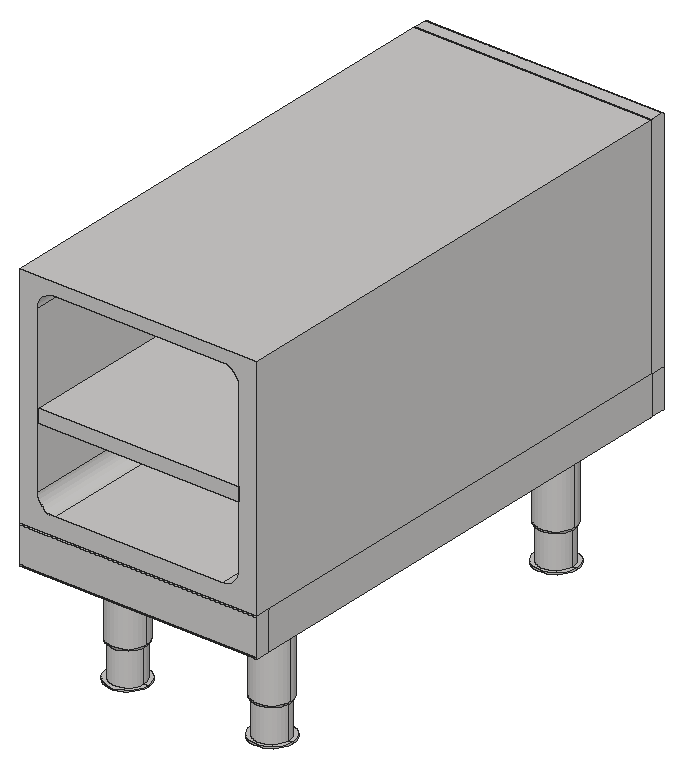
Revit family "QF_ELECTROLUXPROFESSIONAL_589804_MC1HCADOOM", category Attrezzature speciali, Revit 2021
Family settings
  Quota connettore circolare = Usa diametro
  Tipo di parte = Normale
  Basato su piano di lavoro = No
  Sempre verticale = Sì
  Taglio con vuoti quando caricato = No
  Condiviso = No
  Punto di calcolo locali = No
Parameters
  Weight = 8.16466 kg
  Watts = 0 W
  Volts = 0 V
  URL Manufacturer = ""
  URL = ""
  Steam Supply Size = 0"
  Steam Supply Minimum Pressure = 0.00 psi
  Steam Supply Maximum Pressure = 0.00 psi
  Steam Pounds per Hour = 0
  Refrigeration Suction Line Size = 0"
  Refrigeration Liquid Line Size = 0"
  Refrigerant Compressor Remote = yes
  Prospetto di default = 0 mm
  Phase = 0
  Model = ""
  Manufacturer = ""
  Length Actual = 400 mm  # constant formula
  Item Number = ""
  Hot Water Size = 0"
  Height Actual = 450 mm  # constant formula
  HP = ""
  Gas Size = 0"
  Gas KW = 0
  Gas Input Pressure = 0.0 Btu/h
  Direct Waste Size = 0"
  Description = ""
  Depth Actual = 900 mm  # constant formula
  Cycle = 0 Hz
  Condensate Return Size = 0"
  Compressed Air Volume = 0 GPM
  Compressed Air Size = 0"
  Compressed Air Pressure = 0.00 psi
  Cold Water Size = 0"
  Accessory = yes
Types (2, lengths in mm): name | URL Manufacturer | URL | Model | Manufacturer | Item Number | HP | Description
  (no name) | "" | "" | "" | "" | "" | "" | ""
  Standard | "http://professional.electrolux.com" | "http://professional.electrolux.com" | "MC1HCADOOM" | "Electrolux Professional" | "589804" | "0 HP" | "OPEN BASE,H3,GN,1S,400X900X450 MARINE"
Reference planes
  plane 1 "BACK": y = 0
  plane 2: z = 0
  plane 3 "LEFT": x = 0
  plane 4 "RIGHT": x = 400
  plane 5 "FRONT": y = -900
  plane 6 "TOP": z = 650
  plane 7: x = 200
  plane 8: y = -450
  plane 9: z = 200
  plane 10: y = -150
  plane 11: y = -750
  plane 12: z = 427
Forms (mm)
  Extrusion 1, solid, material "QF_Finishes_Stainless Steel"
    sketch origin (-178.969, -4572, 200) x (-1, 0, 0) y (0, -1, 0)
      loop
        line (-178.969, -4526) -> (-178.969, -3718) -> (-204.369, -3718) -> (-204.369, -4500.6) -> (-553.569, -4500.6) -> (-553.569, -3718) -> (-578.969, -3718) -> (-578.969, -4526) -> (-178.969, -4526)
    from 0 to 65
  Extrusion 2, solid, material "QF_Finishes_Stainless Steel"
    sketch origin (-178.969, -4572, 200) x (-1, 0, 0) y (0, -1, 0)
      loop
        line (-204.369, -4500.6) -> (-204.369, -3718) -> (-553.569, -3718) -> (-553.569, -4500.6) -> (-204.369, -4500.6)
    from 0 to 65
  Revolve 3, solid, material "QF_Finishes_Stainless Steel"
    sketch origin (2918.404, -750, -6.724) x (1, 0, 0) y (0, 0, -1)
      loop
        line (-2596.42, -206.724) -> (-2596.42, -6.724) -> (-2631.404, -6.724) -> (-2631.404, -8.737) -> (-2624.404, -8.737) -> (-2624.404, -66.724) -> (-2626.154, -66.724)
        arc (-2626.154, -66.724) -> (-2627.569, -67.309) -> (-2628.154, -68.724) r 2
        line (-2628.154, -68.724) -> (-2628.154, -205.224) -> (-2631.404, -205.224) -> (-2631.404, -206.724) -> (-2596.42, -206.724)
      axis (-2596.404, -6.724) -> (-2596.404, -206.724)
    angle from 0 to 360
  Extrusion 4, solid, material "QF_Finishes_Stainless Steel"
    sketch origin (0, 0, 0) x (0, 1, 0) y (0, 0, 1)
      loop
        arc (-851, 200) -> (-853.121, 200.879) -> (-854, 203) r 3
        line (-854, 203) -> (-854, 211.5) -> (-854, 265) -> (-878, 265)
        arc (-878, 265) -> (-879.414, 264.414) -> (-880, 263) r 2
        line (-880, 263) -> (-880, 202)
        arc (-880, 202) -> (-879.414, 200.586) -> (-878, 200) r 2
        line (-878, 200) -> (-851, 200)
    from 0 to 400
  Extrusion 5, solid, material "QF_Finishes_Stainless Steel"
    sketch origin (0, 0, 0) x (0, 1, 0) y (0, 0, 1)
      loop
        line (-46, 650) -> (-46, 265) -> (-22, 265)
        arc (-22, 265) -> (-20.586, 265.586) -> (-20, 267) r 2
        line (-20, 267) -> (-20, 647)
        arc (-20, 647) -> (-20.879, 649.121) -> (-23, 650) r 3
        line (-23, 650) -> (-46, 650)
    from 0 to 400
  Extrusion 6, solid, material "QF_Finishes_Stainless Steel"
    sketch origin (0, 0, 0) x (0, 1, 0) y (0, 0, 1)
      loop
        line (-49, 200) -> (-22, 200)
        arc (-22, 200) -> (-20.586, 200.586) -> (-20, 202) r 2
        line (-20, 202) -> (-20, 263)
        arc (-20, 263) -> (-20.586, 264.414) -> (-22, 265) r 2
        line (-22, 265) -> (-46, 265) -> (-46, 211.5) -> (-46, 203)
        arc (-46, 203) -> (-46.879, 200.879) -> (-49, 200) r 3
    from 0 to 400
  Extrusion 7, solid, material "QF_Finishes_Stainless Steel"
    sketch origin (0, 0, 0) x (1, 0, 0) y (0, 0, 1)
      loop
        line (0, 265) -> (400, 265) -> (400, 650) -> (0, 650) -> (0, 265)
      loop
        line (30.2, 601.5) -> (30.2, 323.221)
        arc (30.2, 323.221) -> (38.547, 303.069) -> (58.7, 294.721) r 28.5
        line (58.7, 294.721) -> (341.7, 294.721)
        arc (341.7, 294.721) -> (361.853, 303.069) -> (370.2, 323.221) r 28.5
        line (370.2, 323.221) -> (370.2, 601.5)
        arc (370.2, 601.5) -> (361.853, 621.653) -> (341.7, 630) r 28.5
        line (341.7, 630) -> (58.7, 630)
        arc (58.7, 630) -> (38.547, 621.653) -> (30.2, 601.5) r 28.5
    from 46 to 880
  Revolve 8, solid, material "QF_Finishes_Stainless Steel"
    sketch origin (2674.389, -750, -6.724) x (1, 0, 0) y (0, 0, -1)
      loop
        line (-2596.42, -206.724) -> (-2596.42, -6.724) -> (-2631.404, -6.724) -> (-2631.404, -8.737) -> (-2624.404, -8.737) -> (-2624.404, -66.724) -> (-2626.154, -66.724)
        arc (-2626.154, -66.724) -> (-2627.569, -67.309) -> (-2628.154, -68.724) r 2
        line (-2628.154, -68.724) -> (-2628.154, -205.224) -> (-2631.404, -205.224) -> (-2631.404, -206.724) -> (-2596.42, -206.724)
      axis (-2596.404, -6.724) -> (-2596.404, -206.724)
    angle from 0 to 360
  Revolve 9, solid, material "QF_Finishes_Stainless Steel"
    sketch origin (2918.404, -150, -6.724) x (1, 0, 0) y (0, 0, -1)
      loop
        line (-2596.42, -206.724) -> (-2596.42, -6.724) -> (-2631.404, -6.724) -> (-2631.404, -8.737) -> (-2624.404, -8.737) -> (-2624.404, -66.724) -> (-2626.154, -66.724)
        arc (-2626.154, -66.724) -> (-2627.569, -67.309) -> (-2628.154, -68.724) r 2
        line (-2628.154, -68.724) -> (-2628.154, -205.224) -> (-2631.404, -205.224) -> (-2631.404, -206.724) -> (-2596.42, -206.724)
      axis (-2596.404, -6.724) -> (-2596.404, -206.724)
    angle from 0 to 360
  Revolve 10, solid, material "QF_Finishes_Stainless Steel"
    sketch origin (2674.42, -150, -6.724) x (1, 0, 0) y (0, 0, -1)
      loop
        line (-2596.42, -206.724) -> (-2596.42, -6.724) -> (-2631.404, -6.724) -> (-2631.404, -8.737) -> (-2624.404, -8.737) -> (-2624.404, -66.724) -> (-2626.154, -66.724)
        arc (-2626.154, -66.724) -> (-2627.569, -67.309) -> (-2628.154, -68.724) r 2
        line (-2628.154, -68.724) -> (-2628.154, -205.224) -> (-2631.404, -205.224) -> (-2631.404, -206.724) -> (-2596.42, -206.724)
      axis (-2596.404, -6.724) -> (-2596.404, -206.724)
    angle from 0 to 360
  Extrusion 11, solid, material "QF_Finishes_Stainless Steel"
    sketch origin (0, 0, 0) x (1, 0, 0) y (0, 0, 1)
      loop
        line (30.2, 427) -> (370.2, 427) -> (370.2, 450) -> (30.2, 450) -> (30.2, 427)
    from 46 to 880
Cuts and joins
  joined: Extrusion 1, Extrusion 2
Lines and regions (mm)
  symbolic lines, style "SpecialityEquipmentHiddenLines"
    curve 1: line (0, 0, 200) -> (400, 0, 200)
    curve 2: line (0, -900, 200) -> (0, 0, 200)
    curve 3: line (400, -900, 200) -> (0, -900, 200)
    curve 4: line (400, 0, 200) -> (400, -900, 200)
Dimensions and locks
  plane 3 "LEFT" to plane 4 "RIGHT" = 400 mm  (x2)
  plane 5 "FRONT" to plane 1 "BACK" = 900 mm
  equal spacing: plane 3 "LEFT", plane 7, plane 4 "RIGHT"
  equal spacing: plane 5 "FRONT", plane 8, plane 1 "BACK"
  plane 6 "TOP" to level = 650 mm  (x2)
  plane 9 to level = 200 mm
  plane 10 to plane 11 = 600 mm
  plane 1 "BACK" to plane 10 to plane 11 = 150 mm, 600 mm
  plane 6 "TOP" to plane 9 to level = 450 mm, 200 mm
  plane 1 "BACK" to plane 5 "FRONT" = 900 mm
  locked: Extrusion 1 sketch curve to plane 4 "RIGHT" at 25.4
  locked: Extrusion 2 sketch curve to plane 4 "RIGHT" at 25.4
  locked: plane 3 "LEFT" to Revolve 8 at 78
  locked: Revolve 3 to plane 4 "RIGHT" at 78.016
  locked: Revolve 9 to plane 4 "RIGHT" at 78.016
  locked: plane 3 "LEFT" to Revolve 10 at 78
  plane 12 to Extrusion 7 = 162 mm
  plane 11 to plane 5 "FRONT" = 150 mm
  aligned and locked: level to plane 2
  aligned and locked: Extrusion 4 to plane 4 "RIGHT"
  aligned and locked: Extrusion 5 to plane 4 "RIGHT"
  aligned and locked: Extrusion 6 to plane 4 "RIGHT"
  aligned and locked: plane 10 to Revolve 10
  aligned and locked: plane 10 to Revolve 9
  aligned and locked: plane 11 to Revolve 3
  aligned and locked: plane 11 to Revolve 8
Automatic sketch dimensions
  Extrusion 1 sketch curve to plane 4 "RIGHT" = 0 mm
  Extrusion 1 sketch curve to plane 3 "LEFT" = 0 mm
  plane 3 "LEFT" to Extrusion 1 sketch curve = 25.4 mm
  plane 1 "BACK" to Extrusion 1 sketch curve = 46 mm
  Extrusion 1 sketch curve to Extrusion 1 sketch curve = 25.4 mm
  Extrusion 1 sketch curve to plane 5 "FRONT" = 46 mm  (x2)
  plane 3 "LEFT" to Extrusion 2 sketch curve = 25.4 mm
  plane 1 "BACK" to Extrusion 2 sketch curve = 71.4 mm
  Extrusion 2 sketch curve to plane 5 "FRONT" = 46 mm
  Revolve 3 sketch curve to level = 0 mm
  Revolve 3 sketch curve to plane 9 = 0 mm
  level to Revolve 3 sketch curve = 2.013 mm
  plane 7 to Revolve 3 sketch curve = 87 mm  (x2)
  Revolve 3 sketch curve to Revolve 3 sketch curve = 3.25 mm
  Revolve 3 sketch curve to Revolve 3 sketch curve = 2 mm
  Revolve 3 sketch curve to Revolve 3 sketch curve = 1.75 mm
  Revolve 3 sketch curve to Revolve 3 sketch curve = 31.734 mm
  Revolve 3 sketch curve to Revolve 3 sketch curve = 1.5 mm
  Revolve 3 sketch curve to Revolve 3 sketch curve = 59.987 mm
  Revolve 3 sketch curve to Revolve 3 sketch curve = 28 mm
  plane 9 to Revolve 3 sketch curve = 13.757 mm
  Revolve 3 sketch curve to Revolve 3 sketch curve = 18.317 mm
  Extrusion 4 sketch curve to plane 9 = 0 mm  (x2)
  plane 9 to Extrusion 4 sketch curve = 2 mm
  Extrusion 4 sketch curve to plane 5 "FRONT" = 20 mm
  Extrusion 4 sketch curve to Extrusion 4 sketch curve = 2 mm
  plane 9 to Extrusion 4 sketch curve = 3 mm
  Extrusion 4 sketch curve to Extrusion 4 sketch curve = 24 mm
  Extrusion 4 sketch curve to Extrusion 4 sketch curve = 8.5 mm
  Extrusion 4 sketch curve to Extrusion 4 sketch curve = 51.5 mm
  Extrusion 4 sketch curve to Extrusion 4 sketch curve = 0 mm
  Extrusion 5 sketch curve to plane 6 "TOP" = 0 mm
  plane 1 "BACK" to Extrusion 5 sketch curve = 46 mm
  Extrusion 5 sketch curve to plane 6 "TOP" = 3 mm
  plane 1 "BACK" to Extrusion 5 sketch curve = 23 mm
  Extrusion 5 sketch curve to Extrusion 5 sketch curve = 2 mm
  plane 9 to Extrusion 5 sketch curve = 67 mm
  plane 1 "BACK" to curve 1 = 0 mm
  curve 1 to plane 4 "RIGHT" = 0 mm
  curve 3 to plane 3 "LEFT" = 0 mm
  plane 5 "FRONT" to curve 3 = 0 mm
  Extrusion 6 sketch curve to plane 9 = 0 mm  (x2)
  plane 9 to Extrusion 6 sketch curve = 3 mm
  plane 1 "BACK" to Extrusion 6 sketch curve = 49 mm
  plane 1 "BACK" to Extrusion 6 sketch curve = 22 mm  (x2)
  plane 9 to Extrusion 6 sketch curve = 2 mm
  Extrusion 6 sketch curve to Extrusion 6 sketch curve = 8.5 mm
  Extrusion 6 sketch curve to Extrusion 6 sketch curve = 51.5 mm
  Extrusion 6 sketch curve to Extrusion 6 sketch curve = 0 mm
  Extrusion 7 sketch curve to plane 3 "LEFT" = 0 mm
  plane 4 "RIGHT" to Extrusion 7 sketch curve = 0 mm
  plane 3 "LEFT" to Extrusion 7 sketch curve = 30.2 mm
  Extrusion 7 sketch curve to Extrusion 7 sketch curve = 28.5 mm  (x3)
  plane 4 "RIGHT" to Extrusion 7 sketch curve = 58.3 mm  (x2)
  Extrusion 7 sketch curve to plane 6 "TOP" = 20 mm
  plane 9 to Extrusion 7 sketch curve = 123.221 mm
  plane 9 to Extrusion 7 sketch curve = 65 mm
  Extrusion 7 sketch curve to plane 6 "TOP" = 0 mm
  Revolve 8 sketch curve to level = 0 mm
  Revolve 8 sketch curve to plane 9 = 0 mm
  level to Revolve 8 sketch curve = 2.013 mm
  plane 3 "LEFT" to Revolve 8 sketch curve = 42.984 mm  (x2)
  Revolve 8 sketch curve to Revolve 8 sketch curve = 3.25 mm
  Revolve 8 sketch curve to Revolve 8 sketch curve = 2 mm
  Revolve 8 sketch curve to Revolve 8 sketch curve = 1.75 mm
  Revolve 8 sketch curve to Revolve 8 sketch curve = 31.734 mm
  Revolve 8 sketch curve to Revolve 8 sketch curve = 1.5 mm
  Revolve 8 sketch curve to Revolve 8 sketch curve = 59.987 mm
  Revolve 8 sketch curve to Revolve 8 sketch curve = 28 mm
  plane 9 to Revolve 8 sketch curve = 13.757 mm
  Revolve 8 sketch curve to Revolve 8 sketch curve = 18.317 mm
  Revolve 9 sketch curve to level = 0 mm
  Revolve 9 sketch curve to plane 9 = 0 mm
  level to Revolve 9 sketch curve = 2.013 mm
  plane 7 to Revolve 9 sketch curve = 87 mm  (x2)
  Revolve 9 sketch curve to Revolve 9 sketch curve = 3.25 mm
  Revolve 9 sketch curve to Revolve 9 sketch curve = 2 mm
  Revolve 9 sketch curve to Revolve 9 sketch curve = 1.75 mm
  Revolve 9 sketch curve to Revolve 9 sketch curve = 31.734 mm
  Revolve 9 sketch curve to Revolve 9 sketch curve = 1.5 mm
  Revolve 9 sketch curve to Revolve 9 sketch curve = 59.987 mm
  Revolve 9 sketch curve to Revolve 9 sketch curve = 28 mm
  plane 9 to Revolve 9 sketch curve = 13.757 mm
  Revolve 9 sketch curve to Revolve 9 sketch curve = 18.317 mm
  Revolve 10 sketch curve to level = 0 mm
  Revolve 10 sketch curve to plane 9 = 0 mm
  level to Revolve 10 sketch curve = 2.013 mm
  plane 3 "LEFT" to Revolve 10 sketch curve = 43.016 mm  (x2)
  Revolve 10 sketch curve to Revolve 10 sketch curve = 3.25 mm
  Revolve 10 sketch curve to Revolve 10 sketch curve = 2 mm
  Revolve 10 sketch curve to Revolve 10 sketch curve = 1.75 mm
  Revolve 10 sketch curve to Revolve 10 sketch curve = 31.734 mm
  Revolve 10 sketch curve to Revolve 10 sketch curve = 1.5 mm
  Revolve 10 sketch curve to Revolve 10 sketch curve = 59.987 mm
  Revolve 10 sketch curve to Revolve 10 sketch curve = 28 mm
  plane 9 to Revolve 10 sketch curve = 13.757 mm
  Revolve 10 sketch curve to Revolve 10 sketch curve = 18.317 mm
  Extrusion 11 sketch curve to plane 12 = 0 mm
  plane 4 "RIGHT" to Extrusion 11 sketch curve = 29.8 mm
  plane 12 to Extrusion 11 sketch curve = 23 mm
  plane 3 "LEFT" to Extrusion 11 sketch curve = 30.2 mm
